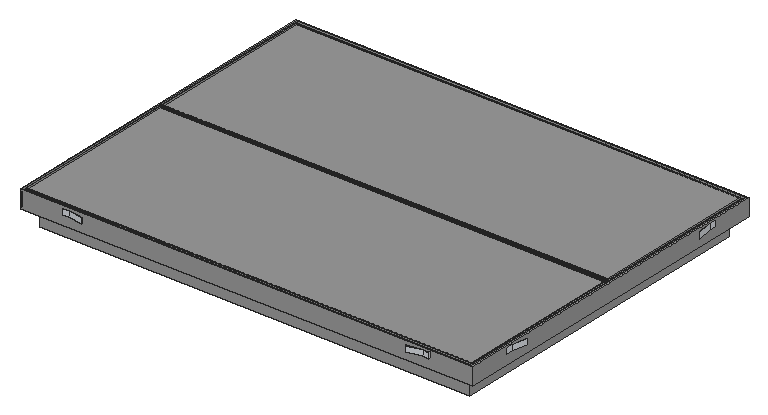
Revit family "gorter_WAPTD", category Generic Models, host Floor, Revit 2019
Family settings
  Host = Floor
  Can host rebar = No
  Round Connector Dimension = Use Diameter
  Part Type = Normal
  Always vertical = Yes
  Cut with Voids When Loaded = No
  Shared = Yes
  Room Calculation Point = No
Parameters (values of type "WAPTD-1500-2000")
  vloerluik = geanodiseerd aluminium
  frame = geanodiseerd aluminium frame
  Weight (kg) = 0
  URL = "https://www.gortergroup.com/nl/producten/vloerluiken.html"
  Model = "WAPTD"
  C = 400 mm
  Bevestiging = "Frame gelaste ankers"
  Belastbaarheid = ""
  B = 1500 mm
  A = 2000 mm
Reference planes
  plane 1 "Center (Front/Back)": y = 0
  plane 2: z = 0
  plane 3 "Center (Left/Right)": x = 0
  plane 4: y = 750
  plane 5: y = -750
  plane 6: x = -1000
  plane 7: x = 1000
  plane 8: z = -400
  plane 9: x = -1055
  plane 10: y = 805
  plane 11: x = 1055
  plane 12: y = -805
  plane 13: z = -39
  plane 14: x = -982.5
  plane 15: x = 982.5
  plane 16: x = 1005
  plane 17: y = 755
  plane 18: x = -1005
  plane 19: y = -755
  plane 20: z = -75
  plane 21: x = 940
  plane 22: x = -940
  plane 23: y = 605
  plane 24: y = -605
  plane 25: x = 855
  plane 26: x = -855
  plane 27: x = 355
  plane 28: x = -355
  plane 29: x = -1034.5
  plane 30: x = 1034.5
  plane 31: y = -782.6
  plane 32: y = 782.6
  plane 33: y = 5
  plane 34: y = -5
  plane 35: y = 10.4
  plane 36: y = -10.4
  plane 37: y = -788
Forms (mm)
  Extrusion 1, void
    sketch origin (0, 0, 0) x (1, 0, 0) y (0, 1, 0)
      loop
        line (-1005, 755) -> (-1005, -755) -> (1005, -755) -> (1005, 755) -> (-1005, 755)
    from -400 to 0
  Sweep 2, solid, material "geanodiseerd aluminium frame" <- "frame"
    path origin (0, 0, 0) x (1, 0, 0) y (0, 1, 0)
      loop
        line (-1000, 750) -> (-1000, -750) -> (1000, -750) -> (1000, 750) -> (-1000, 750)
    profile "randprofiel : randprofiel" origin (-1000, 0, 0) x (-1, 0, 0) y (0, 0, 1)
      loop
        line (55, -80) -> (55, 0) -> (50, 0) -> (50, -75) -> (5, -75) -> (5, -35) -> (0, -35) -> (0, -160) -> (5, -160) -> (5, -80) -> (55, -80)
  Sweep 3, void
    path origin (0, 0, 0) x (1, 0, 0) y (0, 1, 0)
      loop
        line (-1000, 750) -> (-1000, -750) -> (1000, -750) -> (1000, 750) -> (-1000, 750)
    profile origin (-1000, 0, 0) x (-1, 0, 0) y (0, 0, 1)
      loop
        line (0, 0) -> (0, -130) -> (55, -130) -> (55, 0) -> (0, 0)
  Sweep 4, solid, material "geanodiseerd aluminium frame" <- "frame"
    path origin (0, 0, 0) x (1, 0, 0) y (0, 1, 0)
      loop
        line (-963, 706) -> (-963, 87) -> (963, 87) -> (963, 706) -> (-963, 706)
    profile "binnenprofiel : binnenprofiel" origin (-963, 396.5, 0) x (-1, 0, 0) y (0, 0, 1)
      loop
        line (16, -80) -> (21, -80) -> (21, -30) -> (82, -30) -> (82, 0) -> (77, 0) -> (77, -25) -> (16, -25) -> (16, -80)
  Extrusion 5, solid, material "geanodiseerd aluminium frame" <- "frame"
    sketch origin (-2542.234, 750, 4000) x (-1, 0, 0) y (0, 0, 1)
      loop
        line (-1563.234, -4025) -> (-3521.234, -4025) -> (-3521.234, -4030) -> (-1563.234, -4030) -> (-1563.234, -4025)
    from -28 to -679
  Extrusion 6, solid, material "geanodiseerd aluminium" <- "vloerluik"
    sketch origin (-2542.234, 750, 4015) x (-1, 0, 0) y (0, 0, 1)
      loop
        line (-1507.734, -4015) -> (-3576.734, -4015) -> (-3576.734, -4040) -> (-1507.734, -4040) -> (-1507.734, -4015)
    from 32.6 to -739.6
  Sweep 7, solid, material "geanodiseerd aluminium frame" <- "frame"
    path origin (0, 0, 0) x (1, 0, 0) y (0, -1, 0)
      loop
        line (-963, 706) -> (-963, 87) -> (963, 87) -> (963, 706) -> (-963, 706)
    profile "binnenprofiel : binnenprofiel" origin (-963, -396.5, 0) x (1, 0, 0) y (0, 0, 1)
      loop
        line (-16, -80) -> (-16, -25) -> (-77, -25) -> (-77, 0) -> (-82, 0) -> (-82, -30) -> (-21, -30) -> (-21, -80) -> (-16, -80)
  Extrusion 8, solid, material "geanodiseerd aluminium" <- "vloerluik"
    sketch origin (-2542.234, -750, 4015) x (-1, 0, 0) y (0, 0, -1)
      loop
        line (-1507.734, 4015) -> (-1507.734, 4040) -> (-3576.734, 4040) -> (-3576.734, 4015) -> (-1507.734, 4015)
    from 32.6 to -739.6
  Sweep 9, solid, material "geanodiseerd aluminium frame" <- "frame"
    path origin (0, 0, 0) x (1, 0, 0) y (0, 1, 0)
      loop
        line (-1000, 0) -> (1000, 0)
    profile origin (0, 0, 0) x (0, 1, 0) y (0, 0, 1)
      loop
        line (-15, -34) -> (-19, -34) -> (-19, -57) -> (31, -57) -> (31, -34) -> (27, -34) -> (27, -53) -> (-15, -53) -> (-15, -34)
  Sweep 10, solid, material "geanodiseerd aluminium frame" <- "frame"
    path origin (0, 0, 0) x (1, 0, 0) y (0, 1, 0)
      loop
        line (-1000, 0) -> (1000, 0)
    profile origin (0, 0, 0) x (0, 1, 0) y (0, 0, 1)
      loop
        line (27, -57) -> (27, -112) -> (31, -112) -> (31, -57) -> (27, -57)
      loop
        line (-19, -57) -> (-19, -112) -> (-15, -112) -> (-15, -57) -> (-19, -57)
Cuts and joins
  joined: Sweep 4, Extrusion 5
  joined: Sweep 2, Sweep 9
Lines and regions (mm)
  model lines, style "draairichting"
    curve 1: line (-1045, 788, 0) -> (0, 5, 0)
    curve 2: line (0, 5, 0) -> (1045, 788, 0)
    curve 3: line (-1045, -788, 0) -> (0, -5, 0)
    curve 4: line (0, -5, 0) -> (1045, -788, 0)
Dimensions and locks
  equal spacing: plane 6, plane 3 "Center (Left/Right)", plane 7
  "A": plane 6 to plane 7
  equal spacing: plane 5, plane 1 "Center (Front/Back)", plane 4
  "B": plane 5 to plane 4
  "C": level to plane 8
  locked: plane 12 to plane 5 at 55
  locked: plane 9 to plane 6 at 55
  locked: plane 7 to plane 11 at 55
  locked: plane 10 to plane 4 at 55
  locked: level to plane 13 at 39
  locked: plane 9 to plane 14 at 72.5
  locked: plane 15 to plane 11 at 72.5
  locked: plane 6 to Sweep 4 sketch curve at 37
  Sweep 4 sketch curve to plane 7 = 37 mm
  locked: plane 12 to plane 19 at 50
  locked: plane 10 to plane 17 at 50
  locked: plane 9 to plane 18 at 50
  locked: plane 16 to plane 11 at 50
  locked: level to plane 20 at 75
  plane 7 to plane 21 = 60 mm
  locked: plane 22 to plane 6 at 60
  plane 10 to plane 23 = 200 mm
  locked: plane 12 to plane 24 at 200
  locked: plane 25 to plane 11 at 200
  locked: plane 9 to plane 26 at 200
  locked: plane 3 "Center (Left/Right)" to plane 27 at 355
  locked: plane 28 to plane 3 "Center (Left/Right)" at 355
  locked: plane 29 to plane 9 at 20.5
  locked: plane 30 to plane 11 at 20.5
  plane 12 to plane 31 = 22.4 mm
  locked: plane 32 to plane 10 at 22.4
  cut or joined group of Sweep 4, Extrusion 5 to Sweep 2 to Sweep 2 = 5 mm, 125 mm
  plane 34 to plane 1 "Center (Front/Back)" to plane 33 = 5 mm, 5 mm
  plane 5 to plane 4 = 1500 mm
  Sweep 2 to Sweep 2 to level = 80 mm, 80 mm
  plane 4 to Sweep 2 = 55 mm
  Extrusion 6 to Sweep 2 = 160 mm
  plane 11 to plane 9 = 2110 mm
  plane 12 to plane 10 = 1610 mm
  plane 33 to plane 35 = 5.4 mm
  locked: Sweep 4 sketch curve to plane 4 at 44
  locked: Sweep 7 sketch curve to plane 7 at 37
  locked: plane 6 to Sweep 7 sketch curve at 37
  locked: plane 5 to Sweep 7 sketch curve at 44
  locked: plane 36 to plane 34 at 5.4
  locked: plane 31 to plane 37 at 5.4
  plane 31 to plane 37 = 5.4 mm
  Sweep 9 sketch curve to profile plane = 57 mm
  aligned and locked: level to plane 2
  aligned and locked: Extrusion 1 to plane 8
  aligned and locked: level to Extrusion 1
  aligned and locked: Sweep 2 sketch curve to plane 4
  aligned and locked: plane 6 to Sweep 2 sketch curve
  aligned and locked: Sweep 2 sketch curve to plane 5
  aligned and locked: Sweep 2 sketch curve to plane 7
  aligned and locked: Sweep 3 sketch curve to plane 9
  aligned and locked: plane 6 to Sweep 3 sketch curve
  aligned and locked: plane 2 to Sweep 3 sketch curve
  aligned and locked: Extrusion 1 sketch curve to plane 16
  aligned and locked: Extrusion 1 sketch curve to plane 17
  aligned and locked: plane 18 to Extrusion 1 sketch curve
  aligned and locked: Extrusion 1 sketch curve to plane 19
  aligned and locked: nested 1 to plane 11
  aligned and locked: nested 1 to plane 23
  aligned and locked: nested 2 to plane 9
  aligned and locked: plane 23 to nested 2
  aligned and locked: plane 24 to nested 3
  aligned and locked: nested 4 to plane 24
  aligned and locked: plane 11 to nested 3
  aligned and locked: plane 11 to nested 1
  aligned and locked: plane 10 to nested 5
  aligned and locked: plane 25 to nested 5
  aligned and locked: nested 6 to plane 10
  aligned and locked: nested 6 to plane 26
  aligned and locked: plane 12 to nested 7
  aligned and locked: nested 8 to plane 12
  aligned and locked: plane 26 to nested 8
  aligned and locked: plane 25 to nested 7
  aligned and locked: plane 9 to nested 4
  aligned and locked: Extrusion 5 sketch curve to cut or joined group of Sweep 4, Extrusion 5  (x3)
  aligned and locked: cut or joined group of Sweep 4, Extrusion 5 to Extrusion 5 sketch curve
  aligned and locked: Extrusion 5 to Sweep 4  (x2)
  aligned and locked: level to Extrusion 6
  aligned and locked: Extrusion 6 to cut or joined group of Sweep 4, Extrusion 5
  aligned and locked: Extrusion 6 to plane 29
  aligned and locked: Extrusion 6 to plane 30
  aligned and locked: plane 32 to Extrusion 6
  aligned and locked: Extrusion 6 to plane 35
  aligned and locked: Extrusion 8 to plane 36
  aligned and locked: plane 31 to Extrusion 8
  aligned and locked: Extrusion 6 to Extrusion 8
  aligned and locked: Extrusion 8 to Extrusion 6
  aligned and locked: Extrusion 8 to plane 30
  aligned and locked: Extrusion 8 to plane 29
  aligned and locked: Sweep 7 to curve 4
  aligned and locked: Sweep 7 to Sweep 7  (x2)
  aligned and locked: curve 3 to Sweep 7
  aligned and locked: plane 3 "Center (Left/Right)" to curve 4
  aligned and locked: plane 3 "Center (Left/Right)" to curve 1
  aligned and locked: curve 2 to cut or joined group of Sweep 4, Extrusion 5
  aligned and locked: cut or joined group of Sweep 4, Extrusion 5 to curve 2
  aligned and locked: cut or joined group of Sweep 4, Extrusion 5 to curve 1
  aligned and locked: curve 1 to cut or joined group of Sweep 4, Extrusion 5
  aligned and locked: plane 1 "Center (Front/Back)" to Sweep 9 sketch curve
  aligned and locked: plane 1 "Center (Front/Back)" to Sweep 10 sketch curve
  aligned and locked: plane 7 to Sweep 10 sketch curve
  aligned and locked: plane 6 to Sweep 10 sketch curve
  aligned and locked: plane 6 to Sweep 9 sketch curve
  aligned and locked: plane 7 to Sweep 9 sketch curve
Automatic sketch dimensions
  Sweep 7 sketch curve to plane 34 = 82 mm
  plane 5 to Sweep 3 sketch curve = 0 mm
  Sweep 3 sketch curve to plane 6 = 0 mm
  Sweep 3 sketch curve to plane 7 = 0 mm
  Sweep 3 sketch curve to plane 4 = 0 mm
  Sweep 3 sketch curve to level = 130 mm
  plane 35 to Sweep 4 sketch curve = 76.6 mm
  Extrusion 6 sketch curve to level = 0 mm
  plane 30 to Extrusion 6 sketch curve = 0 mm
  Extrusion 6 sketch curve to plane 29 = 0 mm
  Extrusion 6 sketch curve to plane 13 = 14 mm
  Extrusion 8 sketch curve to level = 0 mm
  plane 30 to Extrusion 8 sketch curve = 0 mm
  Extrusion 8 sketch curve to plane 29 = 0 mm
  Extrusion 8 sketch curve to plane 13 = 14 mm
  curve 4 to Extrusion 8 = 5.4 mm
  curve 3 to Extrusion 8 = 10.5 mm
  curve 4 to Extrusion 8 = 10.5 mm
  curve 2 to Extrusion 6 = 5.4 mm
  profile plane to Sweep 9 sketch curve = 19 mm
  Sweep 9 sketch curve to Sweep 9 sketch curve = 4 mm  (x3)
  Sweep 9 sketch curve to profile plane = 27 mm
  Sweep 9 sketch curve to Sweep 9 sketch curve = 23 mm
  Sweep 9 sketch curve to Sweep 9 sketch curve = 19 mm
  profile plane to Sweep 10 sketch curve = 19 mm
  Sweep 10 sketch curve to Sweep 10 sketch curve = 4 mm  (x2)
  Sweep 10 sketch curve to profile plane = 27 mm
  Sweep 10 sketch curve to level = 112 mm
  Sweep 10 sketch curve to Sweep 10 sketch curve = 0 mm
  Sweep 10 sketch curve to Sweep 10 sketch curve = 55 mm  (x2)
Nested families
  nested 1: "klemstrip" at (1055, 605, -35), type "klemstrip"
  nested 2: "klemstrip" at (-1055, 605, -35) x (-1, 0, 0) z (0, 0, 1), type "klemstrip"
  nested 3: "klemstrip" at (1055, -605, -35), type "klemstrip"
  nested 4: "klemstrip" at (-1055, -605, -35) x (-1, 0, 0) z (0, 0, 1), type "klemstrip"
  nested 5: "klemstrip" at (855, 805, -35) x (0, 1, 0) z (0, 0, 1), type "klemstrip"
  nested 6: "klemstrip" at (-855, 805, -35) x (0, 1, 0) z (0, 0, 1), type "klemstrip"
  nested 7: "klemstrip" at (855, -805, -35) x (0, -1, 0) z (0, 0, 1), type "klemstrip"
  nested 8: "klemstrip" at (-855, -805, -35) x (0, -1, 0) z (0, 0, 1), type "klemstrip"
Definition of nested family "klemstrip"
  Reference planes
    plane 1 "Center (Front/Back)": y = 0
    plane 2: z = 0
    plane 3 "Center (Left/Right)": x = 0
    plane 4: z = 25
  Forms (mm)
    Extrusion 1, solid
      sketch origin (0, 0, 0) x (1, 0, 0) y (0, 1, 0)
        loop
          line (0, 0) -> (2, 0) -> (2, 29.825) -> (14.125, 98.589) -> (12.155, 98.937) -> (0, 30) -> (0, 0)
      from 0 to 25
  Dimensions and locks
    locked: plane 4 to level at 25
    aligned and locked: level to plane 2
    aligned and locked: plane 4 to Extrusion 1
